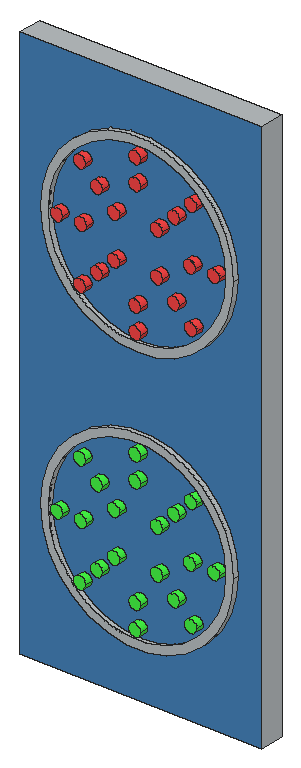
Revit family "Controls_BlueGiant_Traffic-Lights", category Specialty Equipment, Revit 2026
Family settings
  Round Connector Dimension = Use Diameter
  Part Type = Normal
  Work Plane-Based = Yes
  Enable Cutting in Views = No
  Always vertical = No
  Cut with Voids When Loaded = No
  Maintain Annotation Orientation = No
  Shared = No
  Room Calculation Point = No
Parameters (values of type "LED Traffic Light 115V")
  Warranty Duration (Years) = 0
  Voltage_MEP = 115 V
  Unit Width = 0' - 5"
  Unit Height = 0' - 11 1/2"
  Unit Depth = 0' - 0 1/2"
  URL = "http://www.bluegiant.com/"
  Standards Conformance = "CSA Approved"
  Specification = "http://www.arcat.com/specwizard/clients/bluegian.html?coid=38505"
  SpecWizard = "http://www.arcat.com/specwizard/11160blu/index.htm?mf=&coid=38505"
  Send Message = "http://admin.arcat.com/users.pl?action=UserEmail&company=Blue%20Giant%20Equipment%20Corp.&coid=38505&rep=119&fax=905-457-2313&mf="
  Sales Information = "http://www.bluegiant.com/Loading_Dock_Dealer_Locations.html"
  Product Properties = "http://www.arcat.com/bim/bim_info.pl?fn=DockEquipment_BlueGiant"
  Product Data = "http://www.arcat.com/arcatcos/cos38/arc38505.html"
  Mounting Height = 7' - 0"
  Model = "Check with Manufacturer"
  Manufacturer Website = "http://www.bluegiant.com/"
  Manufacturer Phone - Toll Free = "800-668-7078 "
  Manufacturer Phone = "905-457-3900 "
  Manufacturer Fax = "905-457-2313"
  Manufacturer Address = "85 Heart Lake Rd. S.; Brampton; ON; Canada L6W 3K2"
  Manufacturer = "Blue Giant Equipment Corp."
  Maintenance Schedule (Months) = 0
  MEP Amperage = 0 A
  Keynote = "11160"
  Installation_Fabricaton = "http://www.bluegiant.com/Guide/Loading_Dock_Equipment.html"
  Installation Phase = ""
  Green Building-LEED = "http://www.arcat.com/green/clients/leed_data_38505.html"
  Expected Lifespan (Years) = 0
  Panel Material = Metal - Blue Giant - Zinc Coated Steel
  Drawn By = "Sumex Design, Inc. / Robert S. Weygant. CSI, CDT, SCIP"
  Description = "Blue Giant LED Traffic Light"
  Default Elevation = 4' - 0"
  Copyright = "©Arcat Inc."
  Construction Details = "http://www.arcat.com/details/bluegian/bluegian.html?coid=38505"
  Assembly Code = "E1030300"
Types (2): name | Voltage_MEP
  LED Traffic Light 115V | 115 V
  LED Traffic Light 24V | 24 V
Reference planes (in)
  plane 1 "Center (Front/Back)": y = -31.29095
  plane 2: z = 0
  plane 3 "Center": x = 909.25628
  plane 4 "Left": x = 911.75628
  plane 5 "Right": x = 906.75628
  plane 6 "Mounting Line": z = 84
  plane 7: z = 77.5
  plane 8: y = -31.79095
  plane 9: z = 89
Forms (in)
  Extrusion 1, solid, material "Metal - Blue Giant - Zinc Coated Steel" <- "Panel Material"
    sketch origin (0, -36.29095, 5) x (1, 0, 0) y (0, 0, 1)
      loop
        line (906.75628, 84) -> (906.75628, 72.5) -> (911.75628, 72.5) -> (911.75628, 84) -> (906.75628, 84)
    from -5 to -4.5
  Extrusion 2, solid, material "Plastic - Blue Giant - Red LED"
    sketch origin (0, -36.29095, 0) x (1, 0, 0) y (0, 0, 1)
      loop
        circle (909.25628, 87.625) r 0.125
      loop
        circle (909.25628, 84.375) r 0.125
      loop
        circle (909.25628, 87.125) r 0.125
      loop
        circle (909.25628, 84.875) r 0.125
      loop
        circle (910.88128, 86) r 0.125
      loop
        circle (907.63128, 86) r 0.125
      loop
        circle (910.38128, 86) r 0.125
      loop
        circle (908.13128, 86) r 0.125
      loop
        circle (910.40533, 84.85095) r 0.125
      loop
        circle (908.10723, 87.14905) r 0.125
      loop
        circle (910.05177, 85.2045) r 0.125
      loop
        circle (909.69822, 85.55806) r 0.125
      loop
        circle (908.46078, 86.7955) r 0.125
      loop
        circle (908.81434, 86.44194) r 0.125
      loop
        circle (908.10723, 84.85095) r 0.125
      loop
        circle (910.40533, 87.14905) r 0.125
      loop
        circle (908.46078, 85.2045) r 0.125
      loop
        circle (908.81434, 85.55806) r 0.125
      loop
        circle (910.05177, 86.7955) r 0.125
      loop
        circle (909.69822, 86.44194) r 0.125
    from -4.5 to -4.34639
  Extrusion 3, solid, material "Plastic - Blue Giant - Green LED"
    sketch origin (0, -36.29095, -5.5) x (1, 0, 0) y (0, 0, 1)
      loop
        circle (909.25628, 87.625) r 0.125
      loop
        circle (909.25628, 84.375) r 0.125
      loop
        circle (909.25628, 87.125) r 0.125
      loop
        circle (909.25628, 84.875) r 0.125
      loop
        circle (910.88128, 86) r 0.125
      loop
        circle (907.63128, 86) r 0.125
      loop
        circle (910.38128, 86) r 0.125
      loop
        circle (908.13128, 86) r 0.125
      loop
        circle (910.40533, 84.85095) r 0.125
      loop
        circle (908.10723, 87.14905) r 0.125
      loop
        circle (910.05177, 85.2045) r 0.125
      loop
        circle (909.69822, 85.55806) r 0.125
      loop
        circle (908.46078, 86.7955) r 0.125
      loop
        circle (908.81434, 86.44194) r 0.125
      loop
        circle (908.10723, 84.85095) r 0.125
      loop
        circle (910.40533, 87.14905) r 0.125
      loop
        circle (908.46078, 85.2045) r 0.125
      loop
        circle (908.81434, 85.55806) r 0.125
      loop
        circle (910.05177, 86.7955) r 0.125
      loop
        circle (909.69822, 86.44194) r 0.125
    from -4.5 to -4.34639
  Extrusion 4, solid, material "Metal - Blue Giant - Zinc Coated Steel" <- "Panel Material"
    sketch origin (0, -36.29095, 0) x (1, 0, 0) y (0, 0, 1)
      loop
        circle (909.25628, 85.99991) r 1.99991
      loop
        circle (909.25628, 85.99991) r 1.83697
      loop
        circle (909.25628, 80.49991) r 1.99991
      loop
        circle (909.25628, 80.49991) r 1.83697
    from -4.5 to -4.40242
Dimensions and locks (in)
  equal spacing: plane 5 "Right", plane 3 "Center", plane 4 "Left"
  "Unit Width": plane 5 "Right" to plane 4 "Left"
  "Mounting Height": plane 6 "Mounting Line" to level
  "Unit Depth": plane 1 "Center (Front/Back)" to plane 8
  aligned and locked: plane 5 "Right" to Extrusion 1 sketch curve
  aligned and locked: plane 4 "Left" to Extrusion 1 sketch curve
  aligned and locked: Extrusion 1 to plane 7
Automatic sketch dimensions
  Extrusion 1 sketch curve to plane 7 = 0' - 0"
  Extrusion 1 sketch curve to plane 9 = 0' - 0"
  Extrusion 2 sketch curve to plane 3 "Center" = 0' - 0"  (x4)
  Extrusion 2 sketch curve to plane 3 "Center" = 0' - 0.44194"  (x2)
  Extrusion 2 sketch curve to Extrusion 2 sketch curve = 0' - 0.35355"  (x16)
  Extrusion 2 sketch curve to Extrusion 2 sketch curve = 0' - 0.68306"  (x3)
  Extrusion 2 sketch curve to Extrusion 2 sketch curve = 0' - 0 1/2"  (x4)
  plane 3 "Center" to Extrusion 2 sketch curve = 0' - 0.44194"  (x2)
  plane 6 "Mounting Line" to Extrusion 2 sketch curve = 0' - 0 3/8"
  plane 6 "Mounting Line" to Extrusion 2 sketch curve = 0' - 0.85095"  (x2)
  Extrusion 2 sketch curve to Extrusion 2 sketch curve = 0' - 0.7955"  (x2)
  Extrusion 2 sketch curve to Extrusion 2 sketch curve = 0' - 0"  (x2)
  Extrusion 3 sketch curve to plane 3 "Center" = 0' - 0"  (x4)
  Extrusion 3 sketch curve to plane 3 "Center" = 0' - 0.44194"  (x2)
  Extrusion 3 sketch curve to Extrusion 3 sketch curve = 0' - 0.35355"  (x16)
  Extrusion 3 sketch curve to Extrusion 3 sketch curve = 0' - 0.68306"  (x3)
  Extrusion 3 sketch curve to Extrusion 3 sketch curve = 0' - 0 1/2"  (x4)
  plane 3 "Center" to Extrusion 3 sketch curve = 0' - 0.44194"  (x2)
  plane 7 to Extrusion 3 sketch curve = 0' - 1 3/8"
  Extrusion 3 sketch curve to Extrusion 3 sketch curve = 0' - 0.47595"  (x2)
  Extrusion 3 sketch curve to Extrusion 3 sketch curve = 0' - 0.7955"  (x2)
  Extrusion 3 sketch curve to Extrusion 3 sketch curve = 0' - 0"  (x2)
  Extrusion 4 sketch curve to Extrusion 4 sketch curve = 0' - 0"  (x4)
  Extrusion 4 sketch curve to plane 3 "Center" = 0' - 0"  (x2)
  plane 7 to Extrusion 4 sketch curve = 0' - 2.99991"
  plane 6 "Mounting Line" to Extrusion 4 sketch curve = 0' - 1.99991"
  Extrusion 2 sketch curve to Extrusion 2 sketch curve = 0' - 0.44194"  (x2)
  Extrusion 3 sketch curve to Extrusion 3 sketch curve = 0' - 0.44194"  (x2)
  radius of Extrusion 2 sketch curve = 0' - 0 1/8"  (x20)
  radius of Extrusion 3 sketch curve = 0' - 0 1/8"  (x20)
  radius of Extrusion 4 sketch curve = 0' - 1.99991"  (x2)
  radius of Extrusion 4 sketch curve = 0' - 1.83697"  (x2)
Connectors (in)
  electrical at (909.25628, -31.29095, 83.25)
    settings: on Extrusion 1, index 1, voltage 0 V, apparent load 0 VA, apparent load phase1 0 VA, apparent load phase2 0 VA, apparent load phase3 0 VA, power factor 1, load classification "Other", number of poles 1, system type 31, power factor state 1, is connector primary yes, connector utility no, sub classification motor no, connector description ""
  electrical at (909.25628, -31.29095, 83.25)
    settings: on Extrusion 1, index 2, voltage 0 V, apparent load 0 VA, apparent load phase1 0 VA, apparent load phase2 0 VA, apparent load phase3 0 VA, power factor 1, load classification "Other", number of poles 1, system type 13, power factor state 1, is connector primary no, connector utility no, sub classification motor no, connector description ""
